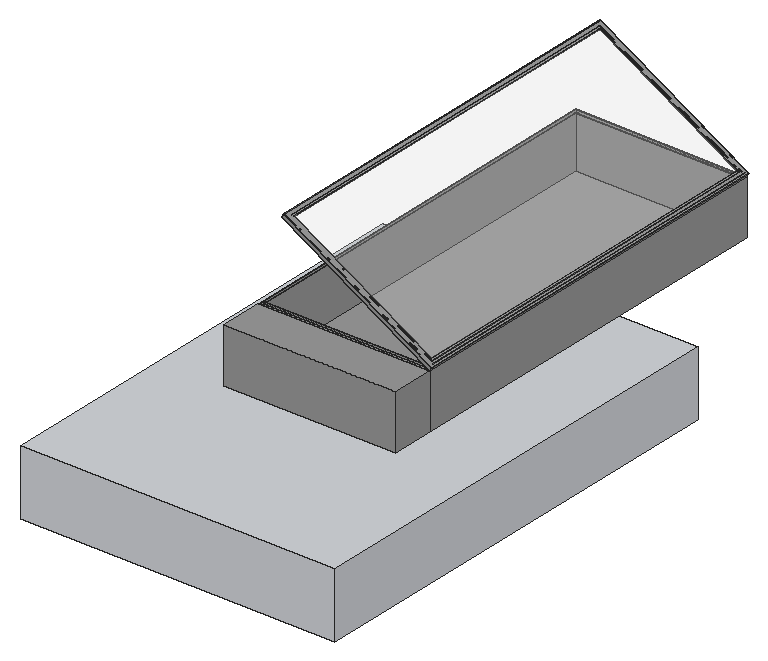
Revit family "Hager-Univers-IP55-D275-H2050-Cl.I-Steel_encl-NoHosted-AT-de", category Equipement électrique, Revit 2020
Family settings
  Hôte = Face
  Configuration du panneau = Deux colonnes, circuits au sein
  Cote de connecteur circulaire = Utiliser le diamètre
  Type d'élément = Tableau de raccordement
  Couper avec des vides une fois chargée = Non
  Partagée = Non
  Point de calcul de pièce = Non
Parameters (values of type "Bodenaufstellung IP55 B800 H2050 T275  - FR23K2")
  Width Control [instance] = if([EF000008 - Breite] > Min Width, [EF000008 - Breite], Min Width)  # 800 mm
  Commentaires du type = [HG000003 - Bereich]  # "Univers"
  Thickness Door [instance] = if([EF009171 - Materialstärke Tür/Deckel] > 3 mm, 3 mm, [EF009171 - Materialstärke Tür/Deckel])  # 1.5 mm
  Seal Frame Offset [instance] = 17 mm  # constant formula
  Plinth Visibility [instance] = [HG000027 - Sockelhöhe] > 0 mm  # yes
  Model = ""
  Min Width [instance] = 100 mm  # constant formula
  Min Height [instance] = 100 mm  # constant formula
  Min Depth [instance] = (2 * [EF009170 - Materialstärke Gehäuse]) + 1 mm  # 4 mm
  Internal Frame Depth [instance] = (Door System Depth * 0.5)  # 9 mm
  Height Control [instance] = if([EF000040 - Höhe] > Min Height, [EF000040 - Höhe], Min Height)  # 2050 mm
  HG000027 - Sockelhöhe = 200 mm
  HG000026 - Stehend auf dem Boden = yes
  HG000024 - Höhe des unteren Teils = 800 mm
  HG000023 - Gehäuse mit doppeltem Querschnitt = no
  HG000016 - 3D-Türsichtbarkeit [instance] = yes
  HG000015 - Sichtbarkeit der Türöffnung [instance] = no
  HG000014 - Tür rechts [instance] = yes
  HG000013 - Tür links [instance] = not([HG000014 - Tür rechts])  # no
  HG000012 - Türschwenkwinkel [instance] = 30.00°
  HG000010 - Asymmetrische Türen = no
  HG000009 - Doppelflügeligen Tür = no
  HG000006 - Unterputz = no
  HG000004 - Herstellerreferenz = "FR23K2"
  HG000003 - Bereich = "Univers"
  HG000002 - Mit tür = yes
  Frame Offset Bottom [instance] = 10 mm  # constant formula
  Frame Offset [instance] = 15 mm  # constant formula
  EF015940 - Deckel mit Überdruckentlastung = no
  EF011959 - Schutzart (NEMA) = ""
  EF009554 - Anzahl der Öffnungen für Flanschplatten = 6
  Fabricant = "Hager"  # constant formula
  EF009212 - Ausführung Deckel = "EV000116 - geschlossen"
  EF009171 - Materialstärke Tür/Deckel = 1.5 mm
  EF009170 - Materialstärke Gehäuse = 1.5 mm
  EF008873 - Nennstrom (In) = 800 A
  EF007800 - Geeignet für Blitzschutz = no
  EF006306 - Mit Schloss = no
  EF006244 - Transparenter Deckel/Tür = yes
  EF005474 - Schutzart (IP) = "EV006420 - IP55"
  EF004464 - Art der Tür = "EV002646 - Einzel"
  EF004427 - Anzahl der Module = 432
  EF004293 - Schlagfestigkeit = "EV008784 - IK10"
  EF003532 - Geeignet für Außengebrauch = no
  EF002950 - Breite in Teilungseinheiten = 24
  EF001613 - Funktionserhalt = "EV000494 - ohne"
  EF001596 - Werkstoff des Gehäuses = "EV000179 - Stahl"
  EF001131 - Innentiefe = 275 mm
  EF001088 - Anbaumöglichkeit = yes
  EF000437 - Anzahl der Leitungseinführungen = 6
  EF000339 - Art der Abdeckung = "EV004216 - Tür"
  EF000266 - Anzahl der Reihen = 12
  EF000218 - Einbautiefe = 0 mm
  EF000118 - Mit Montageplatte = no
  EF000116 - RAL-Nummer = "7035"
  EF000049 - Tiefe = 275 mm
  EF000040 - Höhe = 2050 mm
  EF000008 - Breite = 800 mm
  EF000007 - Farbe = "EV000270 - grau"
  EF000003 - Montageart = "EV012274 - Bodenaufstellung"
  Door System Leaf Tolerance [instance] = 1.5 mm  # constant formula
  Door System Depth [instance] = 18 mm  # constant formula
  Door Height [instance] = Height Control - [HG000027 - Sockelhöhe]  # 1850 mm
  Depth Control [instance] = if([EF000049 - Tiefe] > Min Depth, [EF000049 - Tiefe], Min Depth)  # 275 mm
  Default Elevation = 0 mm
  Connector Offset [instance] = Height Control / 2  # 1025 mm
  Bottom Top Plate Trim [instance] = 1.5 mm  # constant formula
  Plinth height Ctrl [instance] = if([HG000027 - Sockelhöhe] > 0 mm, [HG000027 - Sockelhöhe], 12 mm)  # 200 mm
Types (11, lengths in mm): name | Width Control | HG000010 - Asymmetrische Türen | HG000009 - Doppelflügeligen Tür | HG000004 - Herstellerreferenz | EF009554 - Anzahl der Öffnungen für Flanschplatten | EF006244 - Transparenter Deckel/Tür | EF004464 - Art der Tür | EF004427 - Anzahl der Module | EF000437 - Anzahl der Leitungseinführungen | EF000008 - Breite
  Bodenaufstellung IP55 B1050 H2050 T275  - FR24E2 | 1050 | yes | yes | "FR24E2" | 8 | no | "EV003602 - Doppel" | 576 | 8 | 1050
  Bodenaufstellung IP55 B1050 H2050 T275  - FR24K2 | 1050 | yes | yes | "FR24K2" | 8 | yes | "EV003602 - Doppel" | 576 | 8 | 1050
  Bodenaufstellung IP55 B1300 H2050 T275  - FR25E2 | 1300 | yes | yes | "FR25E2" | 10 | no | "EV003602 - Doppel" | 720 | 10 | 1300
  Bodenaufstellung IP55 B1300 H2050 T275  - FR25K2 | 1300 | yes | yes | "FR25K2" | 10 | yes | "EV003602 - Doppel" | 720 | 10 | 1300
  Bodenaufstellung IP55 B1550 H2050 T275  - FR26E2 | 1550 | yes | yes | "FR26E2" | 12 | no | "EV003602 - Doppel" | 864 | 12 | 1550
  Bodenaufstellung IP55 B1550 H2050 T275  - FR26K2 | 1550 | yes | yes | "FR26K2" | 12 | yes | "EV003602 - Doppel" | 864 | 12 | 1550
  Bodenaufstellung IP55 B300 H2050 T275  - FR21E2 | 300 | no | no | "FR21E2" | 2 | no | "EV002646 - Einzel" | 144 | 2 | 300
  Bodenaufstellung IP55 B550 H2050 T275  - FR22E2 | 550 | no | no | "FR22E2" | 4 | no | "EV002646 - Einzel" | 288 | 4 | 550
  Bodenaufstellung IP55 B550 H2050 T275  - FR22K2 | 550 | no | no | "FR22K2" | 4 | yes | "EV002646 - Einzel" | 288 | 4 | 550
  Bodenaufstellung IP55 B800 H2050 T275  - FR23E2 | 800 | no | no | "FR23E2" | 6 | no | "EV002646 - Einzel" | 432 | 6 | 800
  Bodenaufstellung IP55 B800 H2050 T275  - FR23K2 | 800 | no | no | "FR23K2" | 6 | yes | "EV002646 - Einzel" | 432 | 6 | 800
Reference planes
  plane 1 "Center (Front/Back)": y = 0
  plane 2: z = 0
  plane 3 "Center (Left/Right)": x = 0
  plane 4: z = 275
  plane 5: y = 201.5
  plane 6: y = 1125
  plane 7: y = 200
  plane 8: y = 2050
  plane 9: z = 0
  plane 10: x = -385
  plane 11: x = 385
  plane 12: x = 383.5
  plane 13: x = -383.5
  plane 14: y = 2048.5
  plane 15: x = -383
  plane 16: x = -400
  plane 17: x = 383
  plane 18: x = 400
  plane 19: x = 398.5
  plane 20: x = -398.5
  plane 21: y = 211.5
  plane 22: y = 2050
  plane 23: y = 2033.5
  plane 24: z = 257
  plane 25: z = 1.5
  plane 26: z = 255.5
  plane 27: z = 273.5
Forms (mm)
  Extrusion 1, solid
    sketch origin (0, 0, 0) x (1, 0, 0) y (0, 1, 0)
      loop
        line (-702.964, 1305) -> (-702.964, -811.445) -> (766.763, -811.445) -> (766.763, 1305) -> (-702.964, 1305)
    from 0 to -304.8
  Extrusion 2, solid, material "Hager_Steel_RAL7035_Light_Grey", visible <- "Plinth Visibility", detail levels medium+fine
    sketch origin (0, 0, 0) x (1, 0, 0) y (0, 1, 0)
      loop
        line (-400, 0) -> (400, 0) -> (400, 200) -> (-400, 200) -> (-400, 0)
    from 0 to 257
  Extrusion 3, solid, material "Hager_Steel_RAL7035_Light_Grey", detail levels medium+fine
    sketch origin (0, 0, 0) x (1, 0, 0) y (0, 1, 0)
      loop
        line (-400, 200) -> (400, 200) -> (400, 2050) -> (-400, 2050) -> (-400, 200)
    from 0 to 257
  Extrusion 4, void
    sketch origin (0, 0, 0) x (1, 0, 0) y (0, 1, 0)
      loop
        line (-398.5, 201.5) -> (398.5, 201.5) -> (398.5, 2048.5) -> (-398.5, 2048.5) -> (-398.5, 201.5)
    from 1.5 to 255.5
  Extrusion 5, void
    sketch origin (-381.607, -4572, 257) x (0, -1, 0) y (-1, 0, 0)
      loop
        line (-4783.5, 1.893) -> (-6605.5, 1.893) -> (-6605.5, -765.107) -> (-4783.5, -765.107) -> (-4783.5, 1.893)
    from 0 to 1.5 <- "EF009170 - Materialstärke Gehäuse"
  Extrusion 6, solid, material "Hager_Steel_RAL7035_Light_Grey", detail levels fine
    sketch origin (0, 0, 257) x (1, 0, 0) y (0, 1, 0)
      loop
        line (-383.5, 2033.5) -> (-383.5, 211.5) -> (383.5, 211.5) -> (383.5, 2033.5) -> (-383.5, 2033.5)
      loop
        line (-385, 210) -> (385, 210) -> (385, 2035) -> (-385, 2035) -> (-385, 210)
    from 0 to 9 <- "Internal Frame Depth"
  Extrusion 7, solid, material "Hager_Steel_RAL7035_Light_Grey", detail levels coarse
    sketch origin (0, 0, 0) x (1, 0, 0) y (0, 1, 0)
      loop
        line (-400, 0) -> (400, 0) -> (400, 2050) -> (-400, 2050) -> (-400, 0)
    from 0 to 275
  Sweep 8, void
    path in 3D
      loop
        line (-400, 200, 0) -> (400, 200, 0) -> (400, 200, 257) -> (-400, 200, 257) -> (-400, 200, 0)
    profile origin (-400, 200, 128.5) x (-1, 0, 0) y (0, -1, 0)
      loop
        line (0, 0) -> (0, 1.5) -> (-1.5, 1.5)
        arc (-1.5, 1.5) -> (-1.061, 0.439) -> (0, 0) r 1.5
Cuts and joins
  Extrusion 4, Extrusion 5 cuts Extrusion 3
  Sweep 8 cuts Extrusion 2
Lines and regions (mm)
  Masking region 1
    outline origin (0, 0, 0) x (1, 0, 0) y (0, 0, 1)
      loop
        line (-400, 275) -> (-400, 0) -> (400, 0) -> (400, 275) -> (-400, 275)
  Masking region 2, detail levels medium+fine
    outline origin (0, 140, 0) x (0, 1, 0) y (0, 0, 1)
      loop
        line (60, 0) -> (1910, 0) -> (1910, 257) -> (60, 257) -> (60, 0)
  Masking region 3, not visible, detail levels medium+fine
    outline origin (0, 297.922, 0) x (0, 1, 0) y (0, 0, 1)
      loop
        line (838.578, 0) -> (878.578, 0) -> (878.578, 263.5)
        arc (878.578, 263.5) -> (875.649, 270.571) -> (868.578, 273.5) r 10
        line (868.578, 273.5) -> (838.578, 273.5) -> (838.578, 0)
  Masking region 4, detail levels coarse
    outline origin (0, 0, 180) x (0, 1, 0) y (0, 0, 1)
      loop
        line (0, -180) -> (2050, -180) -> (2050, 95) -> (0, 95) -> (0, -180)
  Masking region 5, visible <- "Plinth Visibility", detail levels medium+fine
    outline origin (0, 52.24, 12.345) x (0, 0, -1) y (0, 1, 0)
      loop
        line (10.845, 147.76) -> (-243.155, 147.76)
        arc (-243.155, 147.76) -> (-243.594, 146.699) -> (-244.655, 146.26) r 1.5
        line (-244.655, 146.26) -> (-244.655, -52.24) -> (12.345, -52.24) -> (12.345, 146.26)
        arc (12.345, 146.26) -> (11.285, 146.699) -> (10.845, 147.76) r 1.5
  Masking region 6, detail levels medium+fine
    outline origin (-381.607, -4572, 257) x (-1, 0, 0) y (0, -1, 0)
      loop
        line (18.393, -6622) -> (18.393, -4772) -> (-781.607, -4772) -> (-781.607, -6622) -> (18.393, -6622)
  Masking region 7, visible <- "Plinth Visibility", detail levels medium+fine
    outline origin (-381.607, -4727, 257) x (-1, 0, 0) y (0, -1, 0)
      loop
        arc (16.893, -4927) -> (17.332, -4925.939) -> (18.393, -4925.5) r 1.5
        line (18.393, -4925.5) -> (18.393, -4727) -> (-781.607, -4727) -> (-781.607, -4925.5)
        arc (-781.607, -4925.5) -> (-780.546, -4925.939) -> (-780.107, -4927) r 1.5
        line (-780.107, -4927) -> (16.893, -4927)
  Masking region 8, detail levels coarse
    outline origin (-442.548, -4669.526, 257) x (-1, 0, 0) y (0, -1, 0)
      loop
        line (-42.548, -6719.526) -> (-42.548, -4669.526) -> (-842.548, -4669.526) -> (-842.548, -6719.526) -> (-42.548, -6719.526)
  sketch lines
    curve 1: line (-400, 200, 257) -> (-400, 200, 0)
    curve 2: line (400, 200, 257) -> (-400, 200, 257)
    curve 3: line (400, 200, 257) -> (400, 200, 0)
    curve 4: line (-400, 200, 0) -> (400, 200, 0)
Dimensions and locks
  "Depth Control": plane 4 to Extrusion 1
  "HG000027 - Sockelhöhe": plane 1 "Center (Front/Back)" to plane 7
  "EF009170 - Materialstärke Gehäuse": plane 5 to plane 7
  locked: connector elem to plane 3 "Center (Left/Right)"
  equal spacing: plane 8, plane 6, plane 7
  locked: connector elem to plane 6
  "EF009170 - Materialstärke Gehäuse": plane 8 to plane 14
  "EF009170 - Materialstärke Gehäuse": plane 10 to plane 13
  "EF009170 - Materialstärke Gehäuse": plane 12 to plane 11
  "Frame Offset": plane 20 to plane 13
  "Frame Offset": plane 12 to plane 19
  "EF009170 - Materialstärke Gehäuse": plane 16 to plane 20
  "EF009170 - Materialstärke Gehäuse": plane 19 to plane 18
  "Seal Frame Offset": plane 16 to plane 15
  "Seal Frame Offset": plane 17 to plane 18
  "Frame Offset Bottom": plane 21 to plane 5
  "Frame Offset": plane 14 to plane 23
  equal spacing: plane 16, plane 3 "Center (Left/Right)", plane 18
  "Width Control": plane 16 to plane 18
  "EF009170 - Materialstärke Gehäuse": plane 4 to plane 27
  "EF009170 - Materialstärke Gehäuse": plane 24 to plane 26
  "EF009170 - Materialstärke Gehäuse": plane 25 to level
  "Door System Depth": plane 4 to plane 24
  "Height Control": plane 1 "Center (Front/Back)" to Extrusion 7 sketch curve
  "Height Control": Masking region 4 sketch curve to plane 1 "Center (Front/Back)"
  "Height Control": plane 1 "Center (Front/Back)" to plane 22
  "Bottom Top Plate Trim": profile plane to Sweep 8 sketch curve
  "Bottom Top Plate Trim": Sweep 8 sketch curve to profile plane
  "Plinth height Ctrl": plane 1 "Center (Front/Back)" to Extrusion 2 sketch curve
  "Plinth height Ctrl": Masking region 5 sketch curve to plane 1 "Center (Front/Back)"
  "Plinth height Ctrl": plane 1 "Center (Front/Back)" to Masking region 7 sketch curve
  "Thickness Door": Extrusion 6 sketch curve to Extrusion 6 sketch curve  (x3)
  "Thickness Door": cut or joined group of Extrusion 3, Extrusion 4, Extrusion 5 to Extrusion 6 sketch curve
  radius of Masking region 3 sketch curve = 10 mm
  "Bottom Top Plate Trim": radius of Masking region 5 sketch curve  (x2)
  "Bottom Top Plate Trim": radius of Sweep 8 sketch curve
  "Bottom Top Plate Trim": radius of Masking region 7 sketch curve  (x2)
  aligned and locked: plane 2 to Extrusion 1
  aligned and locked: level to Extrusion 1
  aligned and locked: level to Masking region 1 sketch curve
  aligned and locked: Masking region 1 sketch curve to plane 18
  aligned and locked: Masking region 1 sketch curve to plane 16
  aligned and locked: plane 7 to Masking region 2 sketch curve
  aligned and locked: level to Masking region 3 sketch curve
  aligned and locked: Masking region 3 sketch curve to plane 27
  aligned and locked: level to Masking region 2 sketch curve
  aligned and locked: plane 1 "Center (Front/Back)" to Extrusion 2 sketch curve
  aligned and locked: Extrusion 3 sketch curve to plane 7
  aligned and locked: plane 16 to Extrusion 3 sketch curve
  aligned and locked: plane 18 to Extrusion 3 sketch curve
  aligned and locked: plane 20 to Extrusion 4 sketch curve
  aligned and locked: plane 19 to Extrusion 4 sketch curve
  aligned and locked: Extrusion 4 sketch curve to plane 5
  aligned and locked: Extrusion 4 to plane 25
  aligned and locked: plane 26 to Extrusion 4
  aligned and locked: plane 24 to Extrusion 3
  aligned and locked: Extrusion 5 sketch curve to plane 21
  aligned and locked: Extrusion 5 sketch curve to plane 13
  aligned and locked: Extrusion 5 sketch curve to plane 12
  aligned and locked: plane 18 to Extrusion 7 sketch curve
  aligned and locked: plane 1 "Center (Front/Back)" to Extrusion 7 sketch curve
  aligned and locked: plane 16 to Extrusion 7 sketch curve
  aligned and locked: plane 4 to Extrusion 7
  aligned and locked: Extrusion 7 to level
  aligned and locked: level to Masking region 4 sketch curve
  aligned and locked: Masking region 4 sketch curve to plane 1 "Center (Front/Back)"
  aligned and locked: Masking region 4 sketch curve to plane 4
  aligned and locked: nested 1 to level
  aligned and locked: nested 1 to plane 16
  aligned and locked: plane 8 to Extrusion 3 sketch curve
  aligned and locked: plane 23 to Extrusion 5 sketch curve
  aligned and locked: plane 14 to Extrusion 4 sketch curve
  aligned and locked: Masking region 2 sketch curve to plane 8
  aligned and locked: level to Masking region 5 sketch curve
  aligned and locked: plane 16 to Extrusion 2 sketch curve
  aligned and locked: plane 18 to Extrusion 2 sketch curve
  aligned and locked: Masking region 5 sketch curve to plane 24
  aligned and locked: Masking region 2 sketch curve to plane 24
  aligned and locked: plane 24 to Extrusion 2
  aligned and locked: profile plane to Sweep 8 sketch curve  (x2)
  aligned and locked: Masking region 6 sketch curve to plane 18
  aligned and locked: Masking region 6 sketch curve to plane 22
  aligned and locked: Masking region 6 sketch curve to plane 16
  aligned and locked: plane 8 to plane 22
  aligned and locked: Masking region 6 sketch curve to plane 7
  aligned and locked: Masking region 7 sketch curve to plane 16
  aligned and locked: Masking region 7 sketch curve to plane 1 "Center (Front/Back)"
  aligned and locked: Masking region 7 sketch curve to plane 18
  aligned and locked: Masking region 8 sketch curve to plane 1 "Center (Front/Back)"
  aligned and locked: Masking region 8 sketch curve to plane 18
  aligned and locked: Masking region 8 sketch curve to plane 22
  aligned and locked: Masking region 8 sketch curve to plane 16
  aligned and locked: nested 2 to plane 7
  aligned and locked: plane 3 "Center (Left/Right)" to nested 2
  aligned and locked: nested 2 to plane 24
  aligned and locked: Extrusion 6 sketch curve to cut or joined group of Extrusion 3, Extrusion 4, Extrusion 5  (x4)
Automatic sketch dimensions
  Extrusion 1 sketch curve to Extrusion 1 sketch curve = 1469.727 mm
  Extrusion 1 sketch curve to Extrusion 1 sketch curve = 2116.445 mm
  Masking region 1 sketch curve to plane 4 = 0 mm
  plane 6 to Masking region 3 sketch curve = 11.5 mm
  Masking region 3 sketch curve to Masking region 3 sketch curve = 30 mm
  Masking region 5 sketch curve to plane 1 "Center (Front/Back)" = 0 mm
Nested families
  nested 1: "Hager_Enclosure_Symbol" at (-400, 0, 0) x (1, 0, 0) z (0, -1, 0), Height <- "Depth Control", Width <- "Width Control", type "Hager_Enclosure_Symbol"
    with Width_Ctrl 800 mm, Width 800 mm, Height_Ctrl 275 mm, Height 275 mm, A_Width_Int 18.047 mm, A_Width 216.562 mm, A_Height_Ctrl 240.625 mm, A_Height 240.625 mm
  nested 2: "EC000058_Univers_Door" at (0, 200, 257) x (1, 0, 0) z (0, 1, 0), Leaf_Tolerance <- "Door System Leaf Tolerance", Angle <- "HG000012 - Türschwenkwinkel", Door_Depth <- "Door System Depth", Door_Left <- "HG000013 - Tür links", Transparent <- "EF006244 - Transparenter Deckel/Tür", Assymetrical <- "HG000010 - Asymmetrische Türen", Width <- "Width Control", Clearance <- "HG000015 - Sichtbarkeit der Türöffnung", Double <- "HG000009 - Doppelflügeligen Tür", 3d_Door <- "HG000016 - 3D-Türsichtbarkeit", Lock_Visibility <- "EF006306 - Mit Schloss", Width_Ctrl <- "Width Control", Door_Right <- "HG000014 - Tür rechts", Door <- "HG000002 - Mit tür", Height <- "Door Height", Thickness <- "Thickness Door", type "EC000058_Univers_Door", detail levels medium+fine
    with min_wh 4 mm, Width_Ctrl 800 mm, Width 800 mm, Transparent yes, Thickness 1.5 mm, Seal_Material Hager_Rubber, Lock_Visibility no, Lock_Material Hager_Plastic_RAL9005_Jet_Black, Leaf_Width 800 mm, Leaf_Tolerance_External_Sides 0 mm, Leaf_Tolerance 1.5 mm, Leaf_Offset 0 mm, Leaf_Height 1847 mm, Leaf_2_Width 800 mm, Leaf_2_Offset 400 mm, Leaf_1_Width 800 mm, Leaf_1_Offset 400 mm, Height_Ctrl 1850 mm, Height 1850 mm, Glass_Material Hager_Glass, Double_Clearance_Ctrl no, Double no, Door_Right_Ctrl yes, Door_Right yes, Door_Material Hager_Steel_RAL7035_Light_Grey, Door_Left_Ctrl no, Door_Left no, Door_Depth 18 mm, Door yes, Clearance_Material Hager_Clearance, Clearance_Depth 800 mm, Clearance_Ctrl no, Clearance no, Assymetrical no, Angle 30.00°, 3d_Door yes
Connectors
  electrical at (0, 1125, 0)
    settings: on plane 9, index 1, voltage 0 V, apparent load 0 VA, apparent load phase1 0 VA, apparent load phase2 0 VA, apparent load phase3 0 VA, power factor 1, load classification "Other", number of poles 1, system type 30, power factor state 1, is connector primary yes, connector utility no, sub classification motor no, connector description ""
Definition of nested family "EC000058_Univers_Door"
  Parameters (values of type "EC000058_Univers_Door")
    min_wh [instance] = (2 * Thickness) + 1 mm  # 11 mm
    Width_Ctrl [instance] = 400 mm
    Width [instance] = 500 mm
    Transparent [instance] = yes
    Thickness [instance] = 5 mm
    Seal_Material [instance] = none
    Lock_Visibility [instance] = yes
    Lock_Material [instance] = none
    Leaf_Width [instance] = if((Width_Ctrl - 2 * Leaf_Tolerance_External_Sides) > 0 mm, (Width_Ctrl - 2 * Leaf_Tolerance_External_Sides), min_wh)  # 400 mm
    Leaf_Tolerance_External_Sides [instance] = 0 mm  # constant formula
    Leaf_Tolerance [instance] = 1.5 mm
    Leaf_Offset [instance] = 0 mm  # constant formula
    Leaf_Height [instance] = if((Height_Ctrl - 2 * Leaf_Tolerance) > 0 mm, (Height_Ctrl - 2 * Leaf_Tolerance), min_wh)  # 497 mm
    Leaf_2_Width [instance] = if(and(and(Double, Assymetrical), Door_Left), (Leaf_Width / 3) - (Leaf_Tolerance / 2), if(and(and(Double, Assymetrical), Door_Right), (Leaf_Width / 3) * 2 - (Leaf_Tolerance / 2), if(and(Double, not(Assymetrical)), (Leaf_Width / 2) - Leaf_Tolerance, Leaf_Width)))  # 400 mm
    Leaf_2_Offset [instance] = if(and(Double, Assymetrical), Leaf_2_Width / 2, if(and(Double, not(Assymetrical)), Leaf_Width / 4, Leaf_Width / 2))  # 200 mm
    Leaf_1_Width [instance] = if(and(and(Double, Assymetrical), Door_Right), (Leaf_Width / 3) - (Leaf_Tolerance / 2), if(and(and(Double, Assymetrical), Door_Left), (Width / 3) * 2 - (Leaf_Tolerance / 2), if(and(Double, not(Assymetrical)), (Leaf_Width / 2) - Leaf_Tolerance, Leaf_Width)))  # 400 mm
    Leaf_1_Offset [instance] = if(and(Double, Assymetrical), Leaf_1_Width / 2, if(and(Double, not(Assymetrical)), Leaf_Width / 4, Leaf_Width / 2))  # 200 mm
    Height_Ctrl [instance] = if(Height > min_wh, Height, min_wh)  # 500 mm
    Height [instance] = 500 mm
    Glass_Material [instance] = none
    Double_Clearance_Ctrl [instance] = and(Double, Clearance)  # no
    Double [instance] = no
    Door_Right_Ctrl [instance] = and(or(Door_Right, Double), Door)  # yes
    Door_Right [instance] = yes
    Door_Material [instance] = none
    Door_Left_Ctrl [instance] = and(or(Door_Left, Double), Door)  # no
    Door_Left [instance] = no
    Door_Depth [instance] = 30 mm
    Door [instance] = yes
    Default Elevation = 1219.2 mm
    Clearance_Material [instance] = none
    Clearance_Depth [instance] = if(Leaf_1_Width > Leaf_2_Width, Leaf_1_Width, Leaf_2_Width)  # 400 mm
    Clearance_Ctrl [instance] = and(not(Double), Clearance)  # yes
    Clearance [instance] = yes
    Assymetrical [instance] = yes
    Angle [instance] = 30.00°
    3d_Door [instance] = yes
  Reference planes
    plane 1 "Center (Front/Back)": y = 0
    plane 2 "Bottom": z = 0
    plane 3 "Center (Left/Right)": x = 0
    plane 4: z = 500
    plane 5: x = -200
    plane 6: x = 200
    plane 7: z = 500
    plane 8: x = -200
    plane 9: z = 0
    plane 10: x = 200
    plane 11: y = 0
    plane 12: z = 1.5
    plane 13: x = -600
    plane 14: y = -400
    plane 15: x = 600
    plane 16: x = 0
    plane 17: x = 0
    plane 18: x = -200
    plane 19: x = 200
    plane 20: z = 498.5
  Forms (mm)
    Extrusion 1, solid, material <- "Clearance_Material", visible <- "Double_Clearance_Ctrl"
      sketch origin (1200, 0, 0) x (1, 0, 0) y (0, 0, -1)
        loop
          line (-1800, -498.5) -> (-600, -498.5) -> (-600, 0) -> (-1800, 0) -> (-1800, -498.5)
      from 0 to -400
  Dimensions and locks
    equal spacing: plane 5, plane 3 "Center (Left/Right)", plane 6
    "Width_Ctrl": plane 5 to plane 6
    "Leaf_Offset": plane 5 to plane 8
    "Leaf_Offset": plane 6 to plane 10
    "Leaf_Offset": plane 9 to level
    "Leaf_Offset": plane 4 to plane 7
    "Height_Ctrl": plane 4 to level
    "Leaf_Tolerance": plane 12 to plane 9
    locked: plane 11 to plane 1 "Center (Front/Back)"
    "Leaf_1_Offset": plane 18 to plane 16
    "Leaf_2_Offset": plane 17 to plane 19
    "Leaf_1_Width": plane 13 to plane 8
    "Leaf_2_Width": plane 10 to plane 15
    "Clearance_Depth": plane 14 to plane 1 "Center (Front/Back)"
    "Leaf_Tolerance_External_Sides": plane 8 to plane 18
    "Leaf_Tolerance_External_Sides": plane 19 to plane 10
    "Leaf_Tolerance": plane 7 to plane 20
    aligned and locked: level to plane 2 "Bottom"
    aligned and locked: nested 1 to plane 16
    aligned and locked: nested 2 to plane 17
    aligned and locked: Extrusion 1 to plane 13
    aligned and locked: plane 15 to Extrusion 1
    aligned and locked: Extrusion 1 to plane 14
    aligned and locked: plane 12 to nested 1
    aligned and locked: nested 2 to plane 12
    aligned and locked: Extrusion 1 to plane 11
    aligned and locked: plane 20 to Extrusion 1
    aligned and locked: nested 2 to plane 11
    aligned and locked: nested 1 to plane 11
  Automatic sketch dimensions
    Extrusion 1 sketch curve to level = 0 mm
    plane 5 to Extrusion 1 sketch curve = 400 mm
    plane 6 to Extrusion 1 sketch curve = 400 mm
    Extrusion 1 sketch curve to plane 4 = 1.5 mm
  Nested families
    nested 1: "EC000058_Univers_Door_Leaf" at (0, 0, 1.5), Width <- "Leaf_1_Width", visible <- "Door_Left_Ctrl", Leaf_Height <- "Leaf_Height", Angle <- "Angle", 3d_Door <- "3d_Door", Transparent <- "Transparent", Clearance Material <- "Clearance_Material", Clearance <- "Clearance_Ctrl", Door_Material <- "Door_Material", Glass_Material <- "Glass_Material", Door_Depth <- "Door_Depth", Lock_Material <- "Lock_Material", Seal_Material <- "Seal_Material", Lock_Visibility <- "Lock_Visibility", Thickness <- "Thickness", type "EC000058_Univers_Door_Leaf"
      with Width 400 mm, Transparent_Glass_Offset 30 mm, Transparent_Ctrl yes, Transparent yes, Thickness 5 mm, Standard no, Seal_Material none, Seal_D2 8 mm, Seal_D1 1 mm, Offset_Internal_Frame 10 mm, Lock_Width 20 mm, Lock_Visibility_3d yes, Lock_Visibility yes, Lock_Thickness_3 3 mm, Lock_Thickness_2 1 mm, Lock_Thickness_1 3 mm, Lock_Radius_Offset_2 16 mm, Lock_Radius_Offset_1 15 mm, Lock_Radius_2 5 mm, Lock_Radius 6 mm, Lock_Offset 5 mm, Lock_Material none, Lock_Height 80 mm, Lock_Cover_Top_Offset_2d 17 mm, Lock_Cover_Height -65 mm, Leaf_Height 497 mm, Internal_Seal_Thickness 8 mm, Internal_Seal_Depth_2 4.5 mm, Internal_Frame_Depth 25 mm, Glass_Thickness -1 mm, Glass_Offset -2 mm, Glass_Material none, Door_Material none, Door_Depth 30 mm, Clearance Material none, Clearance yes, Angle_Ctrl 30.00°, Angle 30.00°, 3d_Door yes
    nested 2: "EC000058_Univers_Door_Leaf" at (0, 0, 1.5) x (-1, 0, 0) z (0, 0, 1), Width <- "Leaf_2_Width", visible <- "Door_Right_Ctrl", Leaf_Height <- "Leaf_Height", Angle <- "Angle", 3d_Door <- "3d_Door", Transparent <- "Transparent", Clearance Material <- "Clearance_Material", Clearance <- "Clearance_Ctrl", Door_Material <- "Door_Material", Glass_Material <- "Glass_Material", Door_Depth <- "Door_Depth", Lock_Material <- "Lock_Material", Seal_Material <- "Seal_Material", Lock_Visibility <- "Lock_Visibility", Thickness <- "Thickness", type "EC000058_Univers_Door_Leaf"
      with Width 400 mm, Transparent_Glass_Offset 30 mm, Transparent_Ctrl yes, Transparent yes, Thickness 5 mm, Standard no, Seal_Material none, Seal_D2 8 mm, Seal_D1 1 mm, Offset_Internal_Frame 10 mm, Lock_Width 20 mm, Lock_Visibility_3d yes, Lock_Visibility yes, Lock_Thickness_3 3 mm, Lock_Thickness_2 1 mm, Lock_Thickness_1 3 mm, Lock_Radius_Offset_2 16 mm, Lock_Radius_Offset_1 15 mm, Lock_Radius_2 5 mm, Lock_Radius 6 mm, Lock_Offset 5 mm, Lock_Material none, Lock_Height 80 mm, Lock_Cover_Top_Offset_2d 17 mm, Lock_Cover_Height -65 mm, Leaf_Height 497 mm, Internal_Seal_Thickness 8 mm, Internal_Seal_Depth_2 4.5 mm, Internal_Frame_Depth 25 mm, Glass_Thickness -1 mm, Glass_Offset -2 mm, Glass_Material none, Door_Material none, Door_Depth 30 mm, Clearance Material none, Clearance yes, Angle_Ctrl 30.00°, Angle 30.00°, 3d_Door yes
  Definition of nested family "EC000058_Univers_Door_Leaf"
    Parameters (values of type "EC000058_Univers_Door_Leaf")
      Width [instance] = 2000 mm
      Transparent_Glass_Offset [instance] = 30 mm
      Transparent_Ctrl [instance] = and(Transparent, [3d_Door])  # yes
      Transparent [instance] = yes
      Thickness [instance] = 5 mm
      Standard [instance] = and(not(Transparent), [3d_Door])  # no
      Seal_Material [instance] = none
      Seal_D2 [instance] = 8 mm  # constant formula
      Seal_D1 [instance] = 1 mm  # constant formula
      Offset_Internal_Frame [instance] = 10 mm  # constant formula
      Lock_Width [instance] = 20 mm  # constant formula
      Lock_Visibility_3d [instance] = and(Lock_Visibility, [3d_Door])  # yes
      Lock_Visibility [instance] = yes
      Lock_Thickness_3 [instance] = 3 mm  # constant formula
      Lock_Thickness_2 [instance] = 1 mm  # constant formula
      Lock_Thickness_1 [instance] = 3 mm  # constant formula
      Lock_Radius_Offset_2 [instance] = Lock_Radius_Offset_1 + 1 mm  # 16 mm
      Lock_Radius_Offset_1 [instance] = 15 mm  # constant formula
      Lock_Radius_2 [instance] = Lock_Radius - 1 mm  # 5 mm
      Lock_Radius [instance] = 6 mm  # constant formula
      Lock_Offset [instance] = 5 mm  # constant formula
      Lock_Material [instance] = none
      Lock_Height [instance] = 80 mm  # constant formula
      Lock_Cover_Top_Offset_2d [instance] = Lock_Radius_Offset_2 + 1 mm  # 17 mm
      Lock_Cover_Height [instance] = -(Lock_Height - Lock_Radius_Offset_1)  # -65 mm
      Leaf_Height [instance] = 2720.336 mm
      Internal_Seal_Thickness [instance] = 8 mm  # constant formula
      Internal_Seal_Depth_2 [instance] = 4.5 mm  # constant formula
      Internal_Frame_Depth [instance] = if(Door_Depth - Thickness > 5 mm, Door_Depth - Thickness, 5 mm)  # 25 mm
      Glass_Thickness [instance] = if(Thickness > 15 mm, Glass_Offset + 10 mm, -1 mm)  # -1 mm
      Glass_Offset [instance] = if(Thickness > 15 mm, -(Thickness + 10 mm) / 2, -2 mm)  # -2 mm
      Glass_Material [instance] = none
      Door_Material [instance] = none
      Door_Depth [instance] = 30 mm
      Default Elevation = 0 mm
      Clearance Material [instance] = none
      Clearance [instance] = yes
      Angle_Ctrl [instance] = if(Angle > 180.00°, 180.00°, Angle)  # 90.00°
      Angle [instance] = 90.00°
      3d_Door [instance] = yes
    Reference planes
      plane 1 "Center (Front/Back)": y = 0
      plane 2: z = 0
      plane 3 "Center (Left/Right)": x = 0
      plane 4: y = 2000
      plane 5: x = -1000
      plane 6: x = 1000
      plane 7: x = -3000
      plane 8: z = 2720.336
      plane 9: z = 30
      plane 10: z = 2690.336
      plane 11: x = 970
      plane 12: x = -970
      plane 13: y = -3
      plane 14: z = 107.833
      plane 15: y = -5
      plane 16: y = -223.314
      plane 17: x = -1000
      plane 18: z = 1360.168
      plane 19: y = 30
    Forms (mm)
      Extrusion 1, solid, material <- "Clearance Material", visible <- "Clearance"
        sketch origin (0, 0, 0) x (1, 0, 0) y (0, 0, 1)
          loop
            line (-3000, 2720.336) -> (-3000, 0) -> (1000, 0) -> (1000, 2720.336) -> (-3000, 2720.336)
        from 0 to -2000
      Extrusion 2, solid, material <- "Door_Material", visible <- "Standard", detail levels medium+fine
        sketch origin (-1000, 0, 0) x (0, 1, 0) y (-1, 0, 0)
          loop
            line (0, 30) -> (0, 25) -> (2000, 25) -> (2000, 30) -> (0, 30)
        from 0 to 2720.336 <- "Leaf_Height"
      Extrusion 3, solid, material <- "Door_Material", visible <- "Transparent_Ctrl", detail levels medium+fine
        sketch origin (-1000, 0, 0) x (0, 1, 0) y (-1, 0, 0)
          loop
            line (0, 25) -> (2000, 25) -> (2000, 30) -> (0, 30) -> (0, 25)
        from 0 to 2720.336 <- "Leaf_Height"
      Extrusion 4, void
        sketch origin (-1025, 2000, 0) x (0, 1, 0) y (0, 0, -1)
          loop
            line (-30, -2690.336) -> (-30, -30) -> (-1970, -30) -> (-1970, -2690.336) -> (-30, -2690.336)
        from 0 to 5 <- "Thickness"
      Sweep 5, solid, material <- "Seal_Material", visible <- "Transparent_Ctrl", detail levels fine
        path in 3D
          loop
            line (-1025, 30, 30) -> (-1025, 30, 2690.336) -> (-1025, 1970, 2690.336) -> (-1025, 1970, 30) -> (-1025, 30, 30)
        profile origin (-1025, 1000, 30) x (1, 0, 0) y (0, 0, 1)
          loop
            line (0, 0) -> (0, -8) -> (1, -8) -> (1, 0) -> (0, 0)
      Extrusion 6, solid, material <- "Glass_Material", visible <- "Transparent_Ctrl", detail levels medium+fine
        sketch origin (-1030, 0, 0) x (0, 1, 0) y (0, 0, -1)
          loop
            line (1970, -2690.336) -> (1970, -30) -> (30, -30) -> (30, -2690.336) -> (1970, -2690.336)
        from -2 <- "Glass_Offset" to -1 <- "Glass_Thickness"
      Extrusion 7, solid, material <- "Door_Material", visible <- "3d_Door", detail levels medium+fine
        sketch origin (-1025, 2000, 0) x (0, -1, 0) y (0, 0, -1)
          loop
            line (0, -2720.336) -> (2000, -2720.336) -> (2000, 0) -> (0, 0) -> (0, -2720.336)
          loop
            line (1995, -5) -> (5, -5) -> (5, -2715.336) -> (1995, -2715.336) -> (1995, -5)
        from 0 to 25 <- "Internal_Frame_Depth"
      Sweep 8, solid, material <- "Seal_Material", visible <- "Transparent_Ctrl", detail levels fine
        path in 3D
          loop
            line (-1025, 0, 0) -> (-1025, 2000, 0) -> (-1025, 2000, 2720.336) -> (-1025, 0, 2720.336) -> (-1025, 0, 0)
        profile origin (-1025, 0, 1360.168) x (1, 0, 0) y (0, 1, 0)
          loop
            line (0, 10) -> (2.975, 10)
            arc (2.975, 10) -> (4.053, 10.447) -> (4.5, 11.525) r 1.525
            line (4.5, 11.525) -> (4.5, 16.527)
            arc (4.5, 16.527) -> (4.069, 17.569) -> (3.027, 18) r 1.473
            line (3.027, 18) -> (0, 18) -> (0, 10)
      Extrusion 9, solid, material <- "Lock_Material", visible <- "Lock_Visibility_3d", detail levels fine
        sketch origin (-1030, 0, 0) x (0, 1, 0) y (0, 0, -1)
          loop
            arc (1993.5, -1400.168) -> (1994.561, -1399.729) -> (1995, -1398.668) r 1.5
            line (1995, -1398.668) -> (1995, -1320.168) -> (1975, -1320.168) -> (1975, -1398.668)
            arc (1975, -1398.668) -> (1975.439, -1399.729) -> (1976.5, -1400.168) r 1.5
            line (1976.5, -1400.168) -> (1993.5, -1400.168)
        from 3 <- "Lock_Thickness_1" to 0
      Blend 10, solid, material <- "Lock_Material", visible <- "Lock_Visibility_3d", detail levels fine
        base sketch origin (-1033, 0, 0) x (0, 1, 0) y (0, 0, -1)
          loop
            line (1975, -1320.168) -> (1975, -1398.668)
            arc (1975, -1398.668) -> (1975.439, -1399.729) -> (1976.5, -1400.168) r 1.5
            line (1976.5, -1400.168) -> (1993.5, -1400.168)
            arc (1993.5, -1400.168) -> (1994.561, -1399.729) -> (1995, -1398.668) r 1.5
            line (1995, -1398.668) -> (1995, -1320.168) -> (1975, -1320.168)
        top sketch origin (-1033, 0, 0) x (0, 1, 0) y (0, 0, -1)
          loop
            line (1976, -1320.168) -> (1976, -1398.668)
            arc (1976, -1398.668) -> (1976.146, -1399.022) -> (1976.5, -1399.168) r 0.5
            line (1976.5, -1399.168) -> (1993.5, -1399.168)
            arc (1993.5, -1399.168) -> (1993.854, -1399.022) -> (1994, -1398.668) r 0.5
            line (1994, -1398.668) -> (1994, -1320.168) -> (1976, -1320.168)
        from 0 to 1 <- "Lock_Thickness_2"
      Blend 11, solid, material <- "Lock_Material", visible <- "Lock_Visibility_3d", detail levels fine
        base sketch origin (-1034, 0, 0) x (0, 1, 0) y (0, 0, -1)
          loop
            line (1978, -1320.168) -> (1978, -1384.168)
            arc (1978, -1384.168) -> (1985, -1391.168) -> (1992, -1384.168) r 7
            line (1992, -1384.168) -> (1992, -1320.168) -> (1978, -1320.168)
        top sketch origin (-1034, 0, 0) x (0, 1, 0) y (0, 0, -1)
          loop
            line (1991, -1320.168) -> (1979, -1320.168) -> (1979, -1383.168)
            arc (1979, -1383.168) -> (1985, -1389.168) -> (1991, -1383.168) r 6
            line (1991, -1383.168) -> (1991, -1320.168)
        from 0 to 3 <- "Lock_Thickness_3"
      Extrusion 12, solid, material <- "Lock_Material", visible <- "Lock_Visibility_3d", detail levels fine
        sketch origin (-1030, 1975, 1320.168) x (1, 0, 0) y (0, -1, 0)
          loop
            line (-7, -19) -> (-7, -1) -> (0, -1) -> (0, 0) -> (-8, 0) -> (-8, -20) -> (0, -20) -> (0, -19) -> (-7, -19)
        from 0 to -65 <- "Lock_Cover_Height"
      Extrusion 13, void
        sketch origin (-1038, 1995, 1320.168) x (-1, 0, 0) y (0, 0, -1)
          loop
            line (-5, -65) -> (0, -65) -> (-5, -60) -> (-5, -65)
        from 0 to 20 <- "Lock_Width"
      Extrusion 14, void
        sketch origin (-1038, 1975, 1320.168) x (0, -1, 0) y (0, 0, -1)
          loop
            circle (-10, -15.995) r 6
          loop
            circle (-10, -15.995) r 5
        from 0 to 2
      Extrusion 15, solid, material <- "Lock_Material", visible <- "Lock_Visibility_3d", detail levels medium
        sketch origin (-1030, 0, 0) x (0, 1, 0) y (0, 0, -1)
          loop
            arc (1993.5, -1400.168) -> (1994.561, -1399.729) -> (1995, -1398.668) r 1.5
            line (1995, -1398.668) -> (1995, -1320.168) -> (1975, -1320.168) -> (1975, -1398.668)
            arc (1975, -1398.668) -> (1975.439, -1399.729) -> (1976.5, -1400.168) r 1.5
            line (1976.5, -1400.168) -> (1993.5, -1400.168)
        from 8 to 0
    Cuts and joins
      Extrusion 4 cuts Extrusion 3
      Extrusion 13, Extrusion 14 cuts Extrusion 9
      Extrusion 14 cuts Blend 11
      Extrusion 13, Extrusion 14 cuts Extrusion 12
      joined: Extrusion 9, Blend 10, Blend 11, Extrusion 12
      Extrusion 14 cuts Extrusion 15
    Lines and regions (mm)
      Masking region 1, visible <- "Lock_Visibility", detail levels fine
        outline origin (0, 0, 0) x (0, 1, 0) y (0, 0, 1)
          loop
            line (30, 1320.168) -> (33, 1320.168) -> (33, 1400.168) -> (30, 1400.168) -> (30, 1320.168)
      Masking region 2, visible <- "Lock_Visibility", detail levels fine
        outline origin (0, 3.143, 0) x (0, 1, 0) y (0, 0, 1)
          loop
            line (29.857, 1354.168) -> (30.857, 1354.168) -> (30.857, 1366.168) -> (29.857, 1366.168) -> (29.857, 1354.168)
      Masking region 3, detail levels medium+fine
        outline origin (0, 0, 0) x (0, 1, 0) y (0, 0, 1)
          loop
            line (0, 0) -> (30, 0) -> (30, 2720.336) -> (0, 2720.336) -> (0, 0)
      Masking region 4, detail levels medium+fine
        outline origin (0, 0, 0) x (1, 0, 0) y (0, 0, 1)
          loop
            line (-1000, 2720.336) -> (-1000, 0) -> (1000, 0) -> (1000, 2720.336) -> (-1000, 2720.336)
      Masking region 5, visible <- "Lock_Visibility", detail levels fine
        outline origin (-47.116, 0, 0) x (1, 0, 0) y (0, 0, 1)
          loop
            arc (1024.616, 1399.168) -> (1023.556, 1398.729) -> (1023.116, 1397.668) r 1.5
            line (1023.116, 1397.668) -> (1023.116, 1320.168) -> (1041.116, 1320.168) -> (1041.116, 1397.668)
            arc (1041.116, 1397.668) -> (1040.677, 1398.729) -> (1039.616, 1399.168) r 1.5
            line (1039.616, 1399.168) -> (1024.616, 1399.168)
      Masking region 6, visible <- "Lock_Visibility", detail levels medium+fine
        outline origin (-25, 0, 0) x (1, 0, 0) y (0, 0, 1)
          loop
            arc (1001.5, 1400.168) -> (1000.439, 1399.729) -> (1000, 1398.668) r 1.5
            line (1000, 1398.668) -> (1000, 1320.168) -> (1020, 1320.168) -> (1020, 1398.668)
            arc (1020, 1398.668) -> (1019.561, 1399.729) -> (1018.5, 1400.168) r 1.5
            line (1018.5, 1400.168) -> (1001.5, 1400.168)
      Masking region 7, visible <- "Lock_Visibility", detail levels fine
        outline origin (-73.735, 0, 0) x (1, 0, 0) y (0, 0, 1)
          loop
            line (1051.735, 1382.168) -> (1065.735, 1382.168) -> (1065.735, 1384.168)
            arc (1065.735, 1384.168) -> (1058.735, 1391.168) -> (1051.735, 1384.168) r 7
            line (1051.735, 1384.168) -> (1051.735, 1382.168)
      Masking region 8, visible <- "Lock_Visibility", detail levels fine
        outline origin (-73.735, 0, 0) x (1, 0, 0) y (0, 0, 1)
          loop
            line (1052.735, 1382.168) -> (1064.735, 1382.168) -> (1064.735, 1383.168)
            arc (1064.735, 1383.168) -> (1058.735, 1389.168) -> (1052.735, 1383.168) r 6
            line (1052.735, 1383.168) -> (1052.735, 1382.168)
      Masking region 9, visible <- "Lock_Visibility", detail levels fine
        outline origin (-25, 0, 0) x (1, 0, 0) y (0, 0, 1)
          loop
            line (1020, 1320.168) -> (1020, 1382.168) -> (1000, 1382.168) -> (1000, 1320.168) -> (1020, 1320.168)
      Masking region 10, detail levels medium+fine
        outline origin (0, 0, 0) x (1, 0, 0) y (0, 0, 1)
          loop
            circle (985, 1335.144) r 6
      Masking region 11, detail levels fine
        outline origin (0, 0, 0) x (1, 0, 0) y (0, 0, 1)
          loop
            circle (985, 1335.144) r 5
      Masking region 12, visible <- "Lock_Visibility", detail levels fine
        outline origin (0, 12.767, 0) x (0, 1, 0) y (0, 0, 1)
          loop
            line (20.233, 1320.168) -> (21.233, 1320.168) -> (21.233, 1399.168) -> (20.233, 1400.168) -> (20.233, 1320.168)
      Masking region 13, visible <- "Lock_Visibility", detail levels fine
        outline origin (0, 13.767, -10) x (0, 1, 0) y (0, 0, 1)
          loop
            line (20.233, 1330.168) -> (23.233, 1330.168) -> (23.233, 1399.168) -> (20.233, 1402.168) -> (20.233, 1330.168)
      Masking region 14, visible <- "Lock_Visibility", detail levels fine
        outline origin (0, 12.767, -10) x (0, 1, 0) y (0, 0, 1)
          loop
            line (20.233, 1330.168) -> (25.233, 1330.168) -> (25.233, 1399.305) -> (20.233, 1394.305) -> (20.233, 1330.168)
      Masking region 15, visible <- "Lock_Visibility", detail levels medium
        outline origin (0, 0, 0) x (0, 1, 0) y (0, 0, 1)
          loop
            line (30, 1320.168) -> (38, 1320.168) -> (38, 1400.168) -> (30, 1400.168) -> (30, 1320.168)
      Masking region 16, visible <- "Lock_Visibility", detail levels fine
        outline origin (-1000, 0, 0) x (0, 1, 0) y (-1, 0, 0)
          loop
            line (1975, 30) -> (1995, 30) -> (1995, 38) -> (1975, 38) -> (1975, 30)
          loop
            line (1979, 37) -> (1976, 37) -> (1976, 34) -> (1978, 34) -> (1979, 37)
          loop
            line (1994, 37) -> (1991, 37) -> (1992, 34) -> (1994, 34) -> (1994, 37)
      Masking region 17, visible <- "Lock_Visibility", detail levels medium
        outline origin (-1000, 0, 0) x (0, 1, 0) y (-1, 0, 0)
          loop
            line (1975, 30) -> (1995, 30) -> (1995, 38) -> (1975, 38) -> (1975, 30)
      symbolic lines
        curve 1: line (1000, 0, 0) -> (-3000, 0, 0)
        curve 2: arc (1000, 0, 0) -> (-1000, 2000, 0) -> (-3000, 0, 0) r 2000
        curve 4: line (-1030, 0, 0) -> (-1030, 2000, 0)
      reference lines
        curve 3: line (-1000, 0, 0) -> (-1000, 2000, 0)
      symbolic lines, detail levels medium+fine
        curve 5: line (-1030, 2000, 0) -> (-1025, 2000, 0)
        curve 7: line (-1025, 0, 0) -> (-1030, 0, 0)
        curve 8: line (-1025, 0, 0) -> (-1000, 0, 0)
        curve 9: line (-1000, 0, 0) -> (-1000, 2000, 0)
        curve 10: line (-1000, 2000, 0) -> (-1025, 2000, 0)
      symbolic lines, detail levels fine
        curve 6: line (-1025, 2000, 0) -> (-1025, 0, 0)
      sketch lines
        curve 11: line (-1025, 0, 2720.336) -> (-1025, 0, 0)
        curve 12: line (-1025, 2000, 0) -> (-1025, 0, 0)
        curve 13: line (-1025, 2000, 2720.336) -> (-1025, 2000, 0)
        curve 14: line (-1025, 0, 2720.336) -> (-1025, 2000, 2720.336)
        curve 15: line (-1025, 1970, 30) -> (-1025, 30, 30)
        curve 16: line (-1025, 30, 30) -> (-1025, 30, 2690.336)
        curve 17: line (-1025, 1970, 2690.336) -> (-1025, 1970, 30)
        curve 18: line (-1025, 30, 2690.336) -> (-1025, 1970, 2690.336)
      symbolic lines, visible <- "Transparent", detail levels medium+fine
        curve 19: line (-970, 0, 2690.336) -> (970, 0, 2690.336)
        curve 20: line (-970, 0, 30) -> (-970, 0, 2690.336)
        curve 21: line (970, 0, 30) -> (-970, 0, 30)
        curve 22: line (970, 0, 2690.336) -> (970, 0, 30)
    Dimensions and locks
      "Width": plane 1 "Center (Front/Back)" to plane 4
      equal spacing: plane 5, plane 3 "Center (Left/Right)", plane 6
      "Width": plane 5 to plane 6
      "Width": plane 7 to plane 5
      "Leaf_Height": plane 8 to level
      "Width": curve 5 to curve 3
      "Width": curve 3 to curve 3
      plane 8 to plane 10 = 30 mm
      plane 9 to level = 30 mm
      plane 12 to plane 5 = 30 mm
      plane 6 to plane 11 = 30 mm
      Extrusion 1 to Extrusion 4 sketch curve = 30 mm
      "Transparent_Glass_Offset": curve 3 to Extrusion 4 sketch curve
      "Transparent_Glass_Offset": Extrusion 4 sketch curve to cut or joined group of Extrusion 3, Extrusion 4  (x2)
      cut or joined group of Extrusion 3, Extrusion 4 to Extrusion 6 sketch curve = 30 mm
      "Transparent_Glass_Offset": cut or joined group of Extrusion 3, Extrusion 4 to Extrusion 4 sketch curve
      "Thickness": curve 6 to curve 4
      "Thickness": Extrusion 7 sketch curve to Extrusion 7 sketch curve  (x4)
      "Door_Depth": curve 4 to curve 3
      "Offset_Internal_Frame": profile plane to Sweep 8 sketch curve
      "Internal_Seal_Thickness": Sweep 8 sketch curve to Sweep 8 sketch curve
      "Internal_Seal_Depth_2": profile plane to Sweep 8 sketch curve
      "Seal_D1": profile plane to Sweep 5 sketch curve
      "Seal_D2": profile plane to Sweep 5 sketch curve
      "Thickness": Extrusion 2 sketch curve to Extrusion 2 sketch curve
      equal spacing: Extrusion 9 sketch curve, plane 18, Extrusion 9 sketch curve  (x2)
      equal spacing: Masking region 1 sketch curve, plane 18, Masking region 1 sketch curve
      "Lock_Height": Masking region 1 sketch curve to Masking region 1 sketch curve
      "Lock_Radius": Masking region 2 sketch curve to plane 18 to Masking region 2 sketch curve
      Masking region 2 sketch curve to Masking region 1 = 1 mm
      "Door_Depth": plane 19 to plane 1 "Center (Front/Back)"
      "Lock_Thickness_1": Masking region 1 sketch curve to plane 19
      "Lock_Width": Extrusion 9 sketch curve to Extrusion 9 sketch curve
      "Lock_Height": Extrusion 9 sketch curve to Extrusion 9 sketch curve
      "Lock_Offset": cut or joined group of Extrusion 3, Extrusion 4 to Extrusion 9 sketch curve
      equal spacing: plane 8, plane 18, level
      "Lock_Radius_Offset_1": Blend 11 sketch curve to Blend 10
      locked: Blend 10 to Blend 11 sketch curve at 2  (x2)
      locked: var sketch to Blend 11 sketch curve at 1  (x2)
      "Lock_Radius_Offset_2": Blend 11 sketch curve to Blend 10
      locked: Extrusion 12 sketch curve to Extrusion 12 sketch curve at 1  (x3)
      Masking region 6 sketch curve to Masking region 6 sketch curve = 80 mm
      "Lock_Height": Masking region 6 sketch curve to Masking region 6 sketch curve
      "Lock_Width": Masking region 6 sketch curve to Masking region 6 sketch curve
      locked: Masking region 6 to Masking region 5 sketch curve at 1  (x3)
      locked: Masking region 5 to Masking region 7 sketch curve at 2  (x2)
      "Lock_Radius_Offset_1": Masking region 5 to Masking region 7 sketch curve
      "Lock_Radius_Offset_2": Masking region 5 to Masking region 8 sketch curve
      locked: Masking region 7 to Masking region 8 sketch curve at 1  (x2)
      "Lock_Cover_Top_Offset_2d": Masking region 5 to Masking region 9 sketch curve
      equal spacing: Masking region 9, Masking region 10 sketch curve, Masking region 9
      equal spacing: Masking region 9, Masking region 11 sketch curve, Masking region 9
      Extrusion 15 sketch curve to Extrusion 15 sketch curve = 80 mm
      "Lock_Width": Extrusion 15 sketch curve to Extrusion 15 sketch curve
      "Lock_Height": Extrusion 15 sketch curve to Extrusion 15 sketch curve
      equal spacing: Extrusion 15 sketch curve, plane 18, Extrusion 15 sketch curve
      "Lock_Thickness_3": Masking region 13 sketch curve to Masking region 13 sketch curve
      "Lock_Height": Masking region 12 sketch curve to Masking region 12 sketch curve
      locked: Masking region 13 sketch curve to Masking region 1 at 8
      locked: Masking region 14 sketch curve to Masking region 13 at 1
      locked: Masking region 14 sketch curve to Masking region 1 at 10.863
      "Lock_Height": Masking region 15 sketch curve to Masking region 15 sketch curve
      "Lock_Offset": Extrusion 15 sketch curve to cut or joined group of Extrusion 3, Extrusion 4
      "Lock_Offset": plane 6 to Masking region 6 sketch curve
      radius of Sweep 8 sketch curve = 1.525 mm
      radius of Sweep 8 sketch curve = 1.473 mm
      radius of Extrusion 9 sketch curve = 1.5 mm  (x2)
      "Lock_Radius": radius of Extrusion 14 sketch curve
      "Lock_Radius_2": radius of Extrusion 14 sketch curve
      "Lock_Radius": radius of Masking region 10 sketch curve
      "Lock_Radius_2": radius of Masking region 11 sketch curve
      radius of Extrusion 15 sketch curve = 1.5 mm  (x2)
      "Angle_Ctrl": angle plane 1 "Center (Front/Back)" to curve 3
      locked: Masking region 12 sketch curve to Masking region 12 sketch curve (angle 45.00°)
      locked: Masking region 13 sketch curve to Masking region 13 sketch curve (angle 45.00°)
      locked: Masking region 14 sketch curve to Masking region 14 sketch curve (angle 45.00°)
      aligned and locked: level to plane 2
      aligned and locked: Extrusion 1 to curve 1
      aligned and locked: plane 6 to Extrusion 1
      aligned and locked: Extrusion 1 to plane 1 "Center (Front/Back)"
      aligned and locked: plane 4 to Extrusion 1
      aligned and locked: plane 8 to Extrusion 1
      aligned and locked: curve 7 to Extrusion 2 sketch curve
      aligned and locked: curve 5 to Extrusion 2 sketch curve
      aligned and locked: curve 7 to Extrusion 3 sketch curve
      aligned and locked: Extrusion 3 sketch curve to curve 4
      aligned and locked: Extrusion 3 sketch curve to curve 6
      aligned and locked: Extrusion 3 sketch curve to curve 5
      aligned and locked: curve 9 to curve 3
      aligned and locked: Extrusion 7 sketch curve to cut or joined group of Extrusion 3, Extrusion 4  (x4)
      aligned and locked: plane 17 to curve 3
      aligned and locked: plane 1 "Center (Front/Back)" to curve 3
      aligned and locked: plane 17 to plane 5
      aligned and locked: Sweep 8 sketch curve to profile plane
      aligned and locked: Sweep 5 sketch curve to profile plane  (x2)
      aligned and locked: Masking region 1 to Masking region 2 sketch curve
      aligned and locked: plane 19 to Masking region 1 sketch curve
      aligned and locked: plane 1 "Center (Front/Back)" to Masking region 3 sketch curve
      aligned and locked: plane 19 to Masking region 3 sketch curve
      aligned and locked: level to Masking region 3 sketch curve
      aligned and locked: Masking region 3 sketch curve to plane 8
      aligned and locked: plane 17 to Masking region 4 sketch curve
      aligned and locked: level to Masking region 4 sketch curve
      aligned and locked: Masking region 4 sketch curve to plane 8
      aligned and locked: plane 12 to curve 20
      aligned and locked: plane 10 to curve 19
      aligned and locked: plane 11 to curve 22
      aligned and locked: curve 21 to plane 9
      aligned and locked: Extrusion 2 sketch curve to cut or joined group of Extrusion 3, Extrusion 4
      aligned and locked: Blend 10 sketch curve to Extrusion 9  (x4)
      aligned and locked: Extrusion 9 to Blend 10 sketch curve
      aligned and locked: Blend 10 to Blend 11 sketch curve
      aligned and locked: Extrusion 12 sketch curve to Blend 11
      aligned and locked: Extrusion 12 sketch curve to Extrusion 9  (x4)
      aligned and locked: Masking region 5 sketch curve to Masking region 6
      aligned and locked: Masking region 9 sketch curve to Masking region 6  (x3)
      aligned and locked: Masking region 12 sketch curve to Masking region 1
      aligned and locked: Masking region 13 sketch curve to Masking region 1
      aligned and locked: Masking region 12 to Masking region 14
      aligned and locked: Masking region 14 sketch curve to Masking region 1
      aligned and locked: Masking region 15 sketch curve to Masking region 14
      aligned and locked: Masking region 13 sketch curve to Masking region 12
      aligned and locked: Masking region 16 sketch curve to cut or joined group of Extrusion 14, Extrusion 15  (x4)
      aligned and locked: Masking region 16 sketch curve to cut or joined group of Extrusion 9, Blend 10, Blend 11, Extrusion 12, Extrusion 13, Extrusion 14  (x6)
      aligned and locked: cut or joined group of Extrusion 9, Blend 10, Blend 11, Extrusion 12, Extrusion 13, Extrusion 14 to Masking region 16 sketch curve
      aligned and locked: Masking region 17 sketch curve to cut or joined group of Extrusion 14, Extrusion 15  (x3)
      aligned and locked: Masking region 17 sketch curve to cut or joined group of Extrusion 9, Blend 10, Blend 11, Extrusion 12, Extrusion 13, Extrusion 14
      aligned and locked: Masking region 9 to Masking region 8 sketch curve
      aligned and locked: Masking region 9 to Masking region 7 sketch curve
    Automatic sketch dimensions
      plane 1 "Center (Front/Back)" to curve 2 = 0 mm
      curve 2 to plane 5 = 0 mm
      Extrusion 1 sketch curve to level = 0 mm
      Extrusion 1 sketch curve to plane 7 = 0 mm
      Extrusion 1 sketch curve to plane 6 = 0 mm
      Extrusion 1 sketch curve to plane 8 = 0 mm
      Extrusion 3 to Extrusion 6 sketch curve = 30 mm  (x4)
      Masking region 4 sketch curve to plane 6 = 0 mm
      Blend 10 sketch curve to Extrusion 9 = 1.5 mm
      Blend 10 sketch curve to Extrusion 9 = 1 mm
      Extrusion 13 sketch curve to Extrusion 12 = 0 mm  (x2)
      Extrusion 12 to Extrusion 13 sketch curve = 3 mm
      Extrusion 13 sketch curve to Extrusion 12 = 5 mm
      Extrusion 14 sketch curve to Extrusion 14 sketch curve = 0 mm  (x2)
      Extrusion 14 sketch curve to Extrusion 12 = 10 mm
      Extrusion 14 sketch curve to Extrusion 12 = 15.995 mm
      Masking region 5 sketch curve to Masking region 5 sketch curve = 1.5 mm  (x2)
      Masking region 10 sketch curve to plane 18 = 25.024 mm
      Masking region 11 sketch curve to plane 18 = 25.024 mm
      plane 19 to Masking region 14 sketch curve = 3 mm
      Masking region 16 sketch curve to Masking region 16 sketch curve = 3 mm
      curve 4 to curve 3 = 0 mm
      Blend 10 to Blend 11 sketch curve = 0 mm
      Masking region 6 sketch curve to Masking region 6 sketch curve = 1.5 mm  (x2)
      Masking region 6 sketch curve to plane 18 = 40 mm
      plane 19 to Masking region 12 sketch curve = 3 mm
      Masking region 12 sketch curve to Masking region 12 sketch curve = 1 mm
      Masking region 15 sketch curve to plane 19 = 0 mm
      Masking region 15 sketch curve to plane 18 = 40 mm
      radius of Blend 10 sketch curve to Extrusion 9 = 1 mm
Definition of nested family "Hager_Enclosure_Symbol"
  Parameters (values of type "Hager_Enclosure_Symbol")
    Width_Ctrl [instance] = if(Width > 1 mm, Width, 1 mm)  # 102.27 mm
    Width [instance] = 102.27 mm
    Height_Ctrl [instance] = if(Height > 1 mm, Height, 1 mm)  # 66.5 mm
    A_Width_Int [instance] = if(A_Width / 12 > 2 mm, A_Width / 12, 2 mm)  # 4.364 mm
    A_Width [instance] = if(A_Height_Ctrl * 0.9 > 2 mm, A_Height_Ctrl * 0.9, 2 mm)  # 52.369 mm
    A_Height_Ctrl [instance] = if(A_Height > 2 mm, A_Height, 2 mm)  # 58.188 mm
    Height [instance] = 66.5 mm
    A_Height [instance] = Height - (Height / 8)  # 58.188 mm
  Reference planes
    plane 1 "Centre (avant/arrière)": y = 0
    plane 2: z = 0
    plane 3 "Centre (gauche/droite)": x = 0
    plane 4: x = 52.369
    plane 5: y = 33.042
    plane 6: y = 41.77
    plane 7: y = 66.5
    plane 8: x = 26.184
    plane 9: y = 37.406
    plane 10: x = 102.27
    plane 11: y = 66.5
    plane 12: y = 8.313
  Lines and regions (mm)
    Filled region 1, type "Solid_Black", in view "Niveau de réf."
      outline origin (0, 0, 0) x (1, 0, 0) y (0, 1, 0)
        loop
          line (52.369, 66.5) -> (33.188, 54.536) -> (45.365, 45.006) -> (52.369, 66.5)
    Filled region 2, type "Solid_Black", in view "Niveau de réf."
      outline origin (0, 0, 0) x (1, 0, 0) y (0, 1, 0)
        loop
          line (0, 0) -> (102.27, 0) -> (102.27, 66.5) -> (0, 0)
    detail lines, in view "Niveau de réf."
      curve 1: line (0, 8.313, 0) -> (26.184, 41.77, 0)
      curve 2: line (26.184, 41.77, 0) -> (26.184, 33.042, 0)
      curve 3: line (26.184, 33.042, 0) -> (52.369, 66.5, 0)
  Dimensions and locks
    "A_Width": plane 3 "Centre (gauche/droite)" to plane 4
    equal spacing: plane 3 "Centre (gauche/droite)", plane 8, plane 4
    equal spacing: plane 6, plane 9, plane 5
    equal spacing: curve 3, Filled region 1 sketch curve, Filled region 1 sketch curve
    "Height_Ctrl": plane 1 "Centre (avant/arrière)" to plane 11
    "A_Height_Ctrl": plane 11 to plane 12
    equal spacing: plane 11, plane 9, plane 12
    "A_Width_Int": plane 6 to plane 9
    "Width_Ctrl": plane 3 "Centre (gauche/droite)" to plane 10
    angle Filled region 1 sketch curve to curve 3 = 20.00°
    angle curve 3 to Filled region 1 sketch curve = 20.00°
    locked: curve 3 to Filled region 1 sketch curve (angle 90.00°)
    aligned and locked: plane 10 to Filled region 2
    aligned and locked: plane 11 to Filled region 2 sketch curve
    aligned and locked: plane 10 to Filled region 2 sketch curve
    aligned and locked: plane 3 "Centre (gauche/droite)" to curve 1
    aligned and locked: plane 12 to curve 1
    aligned and locked: plane 7 to plane 11
  Automatic sketch dimensions
    Filled region 1 sketch curve to plane 4 = 0 mm
    Filled region 1 sketch curve to plane 7 = 0 mm
    plane 1 "Centre (avant/arrière)" to Filled region 2 sketch curve = 0 mm
    Filled region 2 sketch curve to plane 3 "Centre (gauche/droite)" = 0 mm
    curve 2 to plane 6 = 0 mm
    curve 2 to plane 8 = 0 mm
    curve 3 to plane 4 = 0 mm
    curve 2 to plane 5 = 0 mm
    curve 3 to plane 7 = 0 mm
